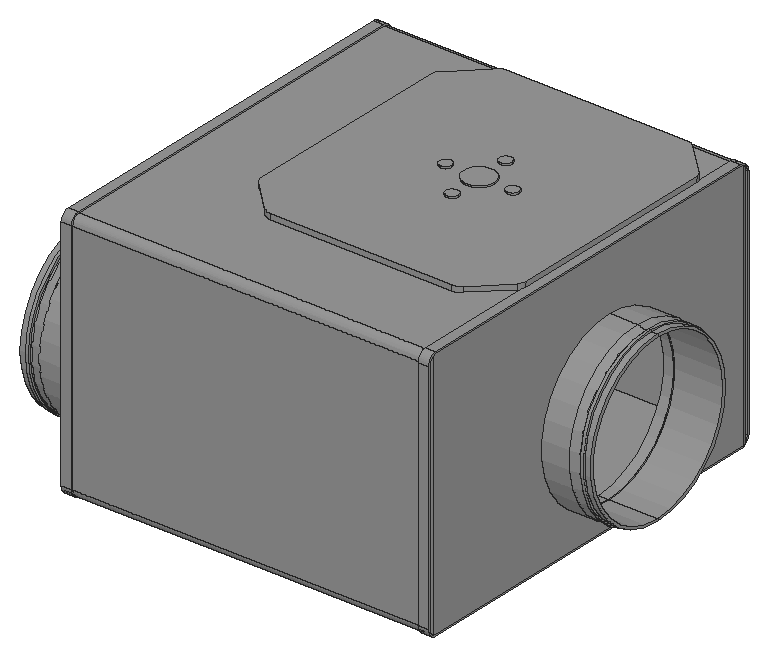
Revit family "LPKB Silent 160 B1 EC_7540648", category Mechanical Equipment, Revit 2014
Parameters (values of type "LPKB Silent 160 B1 EC")
  Wiring diagram = "4040143"
  Width A = Width - 96 mm  # 361 mm
  Width = 457 mm
  Weight = 8.00 kg
  Voltage range = "200-240"
  Voltage = 230 V
  Vertical Distance = 142 mm
  Speed = "3650"
  Sound pressure level at 3 m = "56"
  Radius = Diameter / 2  # 80 mm
  Power = 118 W
  Phase = 1
  Max. temperature of transported air when speed controlled = 60 °C
  Max. temperature of transported air = 60 °C
  Main Material = Steel, Galvanized
  Height = 248 mm
  Frequency = 50 Hz
  Elevation [instance] = 2600 mm
  Distance 2 = 220 mm
  Distance 1 = 91 mm
  Diameter = 160 mm
  Description = "SOUND ATTENUATED DUCT FANS WITH CIRCULAR CONNECTIONS"
  Depth = 390 mm
  Current = 0.93 A
  Capacitor = "-"
Reference planes
  plane 1 "Center (Front/Back)": y = 0
  plane 2: z = 0
  plane 3 "Center (Left/Right)": x = 0
  plane 4: x = -180.5
  plane 5: x = 180.5
  plane 6: x = -228.5
  plane 7: x = 228.5
  plane 8: y = 195
  plane 9: y = -195
  plane 10: z = 2600
  plane 11: y = -104
  plane 12: y = 185
  plane 13: x = 170.5
  plane 14: x = -89.5
  plane 15: y = 104
  plane 16: x = 40.5
  plane 17: y = 40.5
Dimensions and locks
  equal spacing: plane 4, plane 3 "Center (Left/Right)", plane 5
  "Width A": plane 4 to plane 5
  equal spacing: plane 6, plane 3 "Center (Left/Right)", plane 7
  "Width": plane 6 to plane 7
  equal spacing: plane 8, plane 1 "Center (Front/Back)", plane 9
  "Depth": plane 8 to plane 9
  "Elevation": plane 10 to level
  "Distance 1": plane 9 to plane 11
  locked: plane 8 to plane 12 at 10
  locked: plane 13 to plane 5 at 10
  "Distance 1": plane 4 to plane 14
  "Distance 1": plane 8 to plane 15
  equal spacing: plane 14, plane 16, plane 13
  equal spacing: plane 12, plane 17, plane 11
  aligned and locked: level to plane 2
  aligned and locked: nested 1 to plane 3 "Center (Left/Right)"
  aligned and locked: nested 1 to plane 1 "Center (Front/Back)"
  aligned and locked: plane 3 "Center (Left/Right)" to nested 2
  aligned and locked: plane 1 "Center (Front/Back)" to nested 2
  aligned and locked: nested 2 to plane 10
Nested families
  nested 1: "Flow direction symbol" at (0, 0, 0) x (-1, 0, 0) z (0, 0, 1), type "Flow direction symbol"
  nested 2: "LPKB Silent" at (0, 0, 2600), type "LPKB Silent"
    with Width A 361 mm, Width 457 mm, Vertical Distance 142 mm, Radius 80 mm, Height 248 mm, Distance 2 220 mm, Distance 1 91 mm, Diameter 160 mm, Depth 390 mm
Connectors
  hvac at (-228.5, -104, 2706), driven by "Diameter"
    settings: on nested 2, index 1, duct flow 0.0 L/s, flow factor 0, pres drop 0.0 Pa, loss coef 0, conn angle 0.00°, conn width 304.8 mm, conn height 304.8 mm, conn diameter 160 mm, duct sys type 3, conn prof type 0, flow config 0, flow direction 2, loss method 0, conn ref index -1, conn util no, is conn primary yes, conn desc ""
  hvac at (228.5, 25, 2706), driven by "Diameter"
    settings: on nested 2, index 2, duct flow 0.0 L/s, flow factor 0, pres drop 0.0 Pa, loss coef 0, conn angle 0.00°, conn width 304.8 mm, conn height 304.8 mm, conn diameter 160 mm, duct sys type 1, conn prof type 0, flow config 0, flow direction 2, loss method 0, conn ref index -1, conn util no, is conn primary no, conn desc ""
  electrical at (-220.5, 104, 2706), driven by "Phase", driven by "Voltage"
    settings: on nested 2, index 3, voltage 230 V, apparent load 0 VA, apparent load phase1 0 VA, apparent load phase2 0 VA, apparent load phase3 0 VA, power factor 1, load classification "Other", number of poles 1, system type 31, power factor state 1, is connector primary yes, connector utility no, sub classification motor no, connector description ""
Definition of nested family "LPKB Silent"
  Parameters (values of type "LPKB Silent")
    Width A = Width - 96 mm  # 314 mm
    Width = 410 mm
    Vertical Distance = 136 mm
    Radius = Diameter / 2  # 62.5 mm
    Main Material = Steel, Galvanized
    Height = 210 mm
    Distance 2 = 190 mm
    Distance 1 = 73 mm
    Diameter = 125 mm
    Description = ""
    Depth = 330 mm
  Reference planes
    plane 1 "Center (Front/Back)": y = 0
    plane 2: z = 0
    plane 3 "Center (Left/Right)": x = 0
    plane 4: x = -157
    plane 5: x = 157
    plane 6: x = -205
    plane 7: x = 205
    plane 8: y = 165
    plane 9: y = -165
    plane 10: z = 210
    plane 11: z = 74
    plane 12: y = -92
    plane 13: y = 155
    plane 14: x = 147
    plane 15: x = -84
    plane 16: y = 92
    plane 17: x = 31.5
    plane 18: y = 31.5
    plane 19: y = 25
  Forms (mm)
    Revolve 1, solid, material "Steel, Galvanized" <- "Main Material", detail levels medium+fine
      sketch origin (157, -92, 1200) x (1, 0, 0) y (0, 0, 1)
        loop
          line (-314, -1063.5) -> (-314, -1059.75) -> (-342.156, -1059.75) -> (-350.609, -1061.24) -> (-352.661, -1061.24) -> (-352.661, -1059.75) -> (-355.459, -1059.75) -> (-355.459, -1061.24) -> (-362, -1061.24) -> (-362, -1063.5) -> (-314, -1063.5)
        axis (-314, -1126) -> (-362, -1126)
      angle from 0 to 360
    Extrusion 2, void
      sketch origin (0, 0, 0) x (1, 0, 0) y (0, 1, 0)
        loop
          line (-147, 155.039) -> (-147, -154.961) -> (146.959, -154.961) -> (146.959, 155.039) -> (-147, 155.039)
      from 10 to 191.508
    Extrusion 3, solid, material "Steel, Galvanized" <- "Main Material", detail levels medium+fine
      sketch origin (0, 0, 0) x (1, 0, 0) y (0, 1, 0)
        loop
          arc (-43.183, 155) -> (-47.858, 153.712) -> (-51.826, 150.956) r 14.179
          line (-51.826, 150.956) -> (-81.305, 121.477)
          arc (-81.305, 121.477) -> (-83.196, 118.632) -> (-84, 115.312) r 9.835
          line (-84, 115.312) -> (-84, -52.313)
          arc (-84, -52.313) -> (-83.196, -55.632) -> (-81.305, -58.477) r 9.835
          line (-81.305, -58.477) -> (-51.826, -87.956)
          arc (-51.826, -87.956) -> (-47.856, -90.729) -> (-43.183, -92) r 14.142
          line (-43.183, -92) -> (105.647, -92)
          arc (105.647, -92) -> (110.32, -90.729) -> (114.29, -87.956) r 14.142
          line (114.29, -87.956) -> (144.168, -58.679)
          arc (144.168, -58.679) -> (146.101, -55.888) -> (147, -52.615) r 10.108
          line (147, -52.615) -> (147, 115.615)
          arc (147, 115.615) -> (146.101, 118.888) -> (144.168, 121.679) r 10.108
          line (144.168, 121.679) -> (113.884, 150.924)
          arc (113.884, 150.924) -> (109.945, 153.773) -> (105.24, 155) r 13.17
          line (105.24, 155) -> (-43.183, 155)
      from 210 to 215
    Sweep 4, solid, material "Steel, Galvanized" <- "Main Material", detail levels medium+fine
      path origin (-157, 864.407, 1200) x (0, 1, 0) y (0, 0, 1)
        loop
          line (-707.407, -990) -> (-1021.407, -990)
          arc (-1021.407, -990) -> (-1027.064, -992.343) -> (-1029.407, -998) r 8
          line (-1029.407, -998) -> (-1029.407, -1192)
          arc (-1029.407, -1192) -> (-1027.064, -1197.657) -> (-1021.407, -1200) r 8
          line (-1021.407, -1200) -> (-707.407, -1200)
          arc (-707.407, -1200) -> (-701.75, -1197.657) -> (-699.407, -1192) r 8
          line (-699.407, -1192) -> (-699.407, -998)
          arc (-699.407, -998) -> (-701.75, -992.343) -> (-707.407, -990) r 8
      profile origin (-157, 0, 210) x (0, 0, -1) y (1, 0, 0)
        loop
          line (0, 0) -> (0, 10) -> (-1, 10) -> (-1, 0) -> (0, 0)
    Extrusion 5, void
      sketch origin (157, 864.407, 1200) x (0, -1, 0) y (0, 0, 1)
        loop
          arc (1021.407, -990) -> (1027.064, -992.343) -> (1029.407, -998) r 8
          line (1029.407, -998) -> (1035.402, -998) -> (1035.402, -983.783) -> (1021.407, -983.783) -> (1021.407, -990)
        loop
          line (707.407, -990) -> (707.407, -983.783) -> (693.411, -983.783) -> (693.411, -998) -> (699.407, -998)
          arc (699.407, -998) -> (701.75, -992.343) -> (707.407, -990) r 8
        loop
          line (1021.407, -1200) -> (1021.407, -1206.217) -> (1035.402, -1206.217) -> (1035.402, -1192) -> (1029.407, -1192)
          arc (1029.407, -1192) -> (1027.064, -1197.657) -> (1021.407, -1200) r 8
        loop
          arc (707.407, -1200) -> (701.75, -1197.657) -> (699.407, -1192) r 8
          line (699.407, -1192) -> (693.411, -1192) -> (693.411, -1206.217) -> (707.407, -1206.217) -> (707.407, -1200)
      from 0 to 473.721
    Sweep 6, solid, material "Steel, Galvanized" <- "Main Material", detail levels medium+fine
      path origin (157, 864.407, 1200) x (0, 1, 0) y (0, 0, -1)
        loop
          arc (-707.407, 990) -> (-701.75, 992.343) -> (-699.407, 998) r 8
          line (-699.407, 998) -> (-699.407, 1192)
          arc (-699.407, 1192) -> (-701.75, 1197.657) -> (-707.407, 1200) r 8
          line (-707.407, 1200) -> (-1021.407, 1200)
          arc (-1021.407, 1200) -> (-1027.064, 1197.657) -> (-1029.407, 1192) r 8
          line (-1029.407, 1192) -> (-1029.407, 998)
          arc (-1029.407, 998) -> (-1027.064, 992.343) -> (-1021.407, 990) r 8
          line (-1021.407, 990) -> (-707.407, 990)
      profile origin (157, 0, 210) x (0, 0, 1) y (-1, 0, 0)
        loop
          line (0, 0) -> (1, 0) -> (1, 10) -> (0, 10) -> (0, 0)
    Extrusion 7, solid, material "Steel, Galvanized" <- "Main Material", detail levels medium+fine
      sketch origin (82.02, -241.107, 0) x (1, 0, 0) y (0, 1, 0)
        loop
          arc (-234.02, 406.107) -> (-237.555, 404.643) -> (-239.02, 401.107) r 5
          line (-239.02, 401.107) -> (-239.02, 81.107)
          arc (-239.02, 81.107) -> (-237.555, 77.572) -> (-234.02, 76.107) r 5
          line (-234.02, 76.107) -> (69.98, 76.107)
          arc (69.98, 76.107) -> (73.516, 77.572) -> (74.98, 81.107) r 5
          line (74.98, 81.107) -> (74.98, 401.107)
          arc (74.98, 401.107) -> (73.516, 404.643) -> (69.98, 406.107) r 5
          line (69.98, 406.107) -> (-234.02, 406.107)
      from 0 to 210
    Revolve 8, solid, material "Steel, Galvanized" <- "Main Material", detail levels medium+fine
      sketch origin (-271.54, 25, 1200) x (-1, 0, 0) y (0, 0, 1)
        loop
          line (-476.54, -1063.5) -> (-428.54, -1063.5) -> (-428.54, -1059.75) -> (-456.697, -1059.75) -> (-465.149, -1061.24) -> (-467.201, -1061.24) -> (-467.201, -1059.75) -> (-469.999, -1059.75) -> (-469.999, -1061.24) -> (-476.54, -1061.24) -> (-476.54, -1063.5)
        axis (-476.54, -1126) -> (-428.54, -1126)
      angle from 0 to 360
    Sweep 9, void
      path origin (157, -92, 1200) x (1, 0, 0) y (0, 0, 1)
        loop
          line (-157, -1126) -> (-362, -1126)
      profile origin (-102.5, -92, 74) x (0, 0, -1) y (0, -1, 0)
        loop
          circle (0, 0) r 62.5
    Sweep 10, void
      path origin (-271.54, 25, 1200) x (-1, 0, 0) y (0, 0, 1)
        loop
          line (-476.54, -1126) -> (-271.54, -1126)
      profile origin (102.5, 25, 74) x (0, 0, 1) y (0, 1, 0)
        loop
          circle (0, 0) r 62.5
    Extrusion 11, solid, material "Steel, Galvanized" <- "Main Material", detail levels coarse
      sketch origin (0, 0, 0) x (1, 0, 0) y (0, 1, 0)
        loop
          line (-157, 165) -> (-157, -165) -> (157, -165) -> (157, 165) -> (-157, 165)
      from 0 to 210
    Extrusion 12, solid, material "Steel, Galvanized" <- "Main Material", detail levels coarse
      sketch origin (31.5, 214.952, 1200) x (0, 1, 0) y (0, 0, 1)
        loop
          circle (-189.952, -1126) r 62.5
      from 125.5 to 173.5
    Extrusion 13, solid, material "Steel, Galvanized" <- "Main Material", detail levels coarse
      sketch origin (31.5, 214.952, 1200) x (0, 1, 0) y (0, 0, 1)
        loop
          circle (-306.952, -1126) r 62.5
      from -236.5 to -188.5
    Extrusion 14, solid, material "Plastic, Opaque Black", detail levels medium+fine
      sketch origin (0, 0, 0) x (1, 0, 0) y (0, 1, 0)
        loop
          circle (31.5, 31.5) r 15
        loop
          circle (64.494, 31.5) r 6
        loop
          circle (-1.494, 31.5) r 6
        loop
          circle (31.5, -1.778) r 6
        loop
          circle (31.5, 64.222) r 6
      from 210 to 216.039
    Sweep 15, solid, material "Plastic"
      path origin (-399.976, 92, 1200) x (-1, 0, 0) y (0, 0, 1)
        loop
          line (-242.976, -1126) -> (-209.517, -1126)
      profile origin (-173.73, 92, 74) x (0, 0, 1) y (0, 1, 0)
        loop
          arc (41.5, 36.5) -> (40.036, 40.036) -> (36.5, 41.5) r 5
          line (36.5, 41.5) -> (-36.5, 41.5)
          arc (-36.5, 41.5) -> (-40.036, 40.036) -> (-41.5, 36.5) r 5
          line (-41.5, 36.5) -> (-41.5, -36.5)
          arc (-41.5, -36.5) -> (-40.036, -40.036) -> (-36.5, -41.5) r 5
          line (-36.5, -41.5) -> (36.5, -41.5)
          arc (36.5, -41.5) -> (40.036, -40.036) -> (41.5, -36.5) r 5
          line (41.5, -36.5) -> (41.5, 36.5)
    Sweep 16, solid, material "Plastic"
      path origin (-399.976, 92, 1200) x (-1, 0, 0) y (0, 0, 1)
        loop
          line (-209.517, -1126) -> (-202.976, -1126)
      profile origin (-193.73, 92, 74) x (0, 0, 1) y (0, 1, 0)
        loop
          line (46.5, -36.5) -> (46.5, 36.5)
          arc (46.5, 36.5) -> (43.571, 43.571) -> (36.5, 46.5) r 10
          line (36.5, 46.5) -> (-36.5, 46.5)
          arc (-36.5, 46.5) -> (-43.571, 43.571) -> (-46.5, 36.5) r 10
          line (-46.5, 36.5) -> (-46.5, -36.5)
          arc (-46.5, -36.5) -> (-43.571, -43.571) -> (-36.5, -46.5) r 10
          line (-36.5, -46.5) -> (36.5, -46.5)
          arc (36.5, -46.5) -> (43.571, -43.571) -> (46.5, -36.5) r 10
  Cuts and joins
    Sweep 9, Sweep 10 cuts Revolve 1
    Extrusion 2, Extrusion 5, Sweep 9, Sweep 10 cuts Extrusion 7
  Dimensions and locks
    equal spacing: plane 4, plane 3 "Center (Left/Right)", plane 5
    "Width A": plane 4 to plane 5
    equal spacing: plane 6, plane 3 "Center (Left/Right)", plane 7
    "Width": plane 6 to plane 7
    equal spacing: plane 8, plane 1 "Center (Front/Back)", plane 9
    "Depth": plane 8 to plane 9
    "Height": plane 10 to level
    "Distance 1": plane 9 to plane 12
    locked: Revolve 1 sketch curve to Revolve 1 sketch curve at 3.75
    "Radius": Revolve 1 sketch curve to Revolve 1 sketch curve
    locked: plane 8 to Extrusion 2 sketch curve at 9.961
    locked: plane 4 to Extrusion 2 sketch curve at 10
    locked: Extrusion 2 sketch curve to plane 9 at 10.039
    locked: Extrusion 2 sketch curve to plane 5 at 10.041
    locked: plane 8 to plane 13 at 10
    locked: plane 14 to plane 5 at 10
    "Distance 1": plane 4 to plane 15
    locked: Extrusion 3 to plane 10 at 5
    locked: Sweep 4 sketch curve to plane 4 at 10
    locked: Sweep 4 sketch curve to plane 10 at 1
    locked: Sweep 6 sketch curve to Sweep 6 sketch curve at 10
    locked: plane 10 to Sweep 6 sketch curve at 1
    locked: Revolve 1 sketch curve to Revolve 1 sketch curve at 2.26
    "Distance 1": plane 8 to plane 16
    "Radius": Revolve 8 sketch curve to Revolve 8 sketch curve
    locked: Revolve 8 sketch curve to Revolve 8 sketch curve at 3.75
    locked: Revolve 8 sketch curve to Revolve 8 sketch curve at 2.26
    equal spacing: plane 15, plane 17, plane 14
    equal spacing: plane 13, plane 18, plane 12
    equal spacing: Extrusion 14 sketch curve, plane 17, Extrusion 14 sketch curve
    locked: plane 17 to Extrusion 14 sketch curve at 32.994
    locked: plane 18 to Extrusion 14 sketch curve at 33.278
    locked: Extrusion 14 sketch curve to plane 18 at 32.722
    locked: Extrusion 14 to plane 10 at 6.039
    Sweep 15 sketch curve to Sweep 15 sketch curve to plane 6 = 33.459 mm locked, 14.541 mm
    Sweep 16 sketch curve to plane 6 = 14.541 mm
    locked: plane 10 to cut or joined group of Extrusion 2, Extrusion 5, Extrusion 7, Sweep 9, Sweep 10 at 18.492
    "Distance 2": plane 19 to plane 9
    "Vertical Distance": plane 10 to plane 11
    radius of Sweep 4 sketch curve = 8 mm  (x4)
    radius of Sweep 6 sketch curve = 8 mm  (x4)
    "Radius": radius of Sweep 9 sketch curve
    "Diameter": diameter of Sweep 10 sketch curve
    "Radius": radius of Extrusion 12 sketch curve
    radius of Extrusion 12 sketch curve = 62.5 mm
    "Radius": radius of Extrusion 13 sketch curve
    radius of Extrusion 14 sketch curve = 15 mm
    radius of Extrusion 14 sketch curve = 6 mm  (x4)
    locked: Extrusion 3 sketch curve to plane 13 (angle 44.0307°)
    locked: plane 13 to Extrusion 3 sketch curve (angle 45.00°)
    locked: plane 15 to Extrusion 3 sketch curve (angle 45.00°)
    locked: Extrusion 3 sketch curve to plane 14 (angle 45.582°)
    aligned and locked: level to plane 2
    aligned and locked: Revolve 1 sketch curve to plane 6
    aligned and locked: plane 4 to Revolve 1 sketch curve
    aligned and locked: Extrusion 3 sketch curve to plane 13
    aligned and locked: plane 15 to Extrusion 3 sketch curve
    aligned and locked: Extrusion 3 to plane 10
    aligned and locked: Extrusion 3 sketch curve to plane 14
    aligned and locked: plane 12 to Extrusion 3 sketch curve
    aligned and locked: Sweep 4 sketch curve to plane 8
    aligned and locked: Sweep 4 sketch curve to plane 10  (x2)
    aligned and locked: plane 9 to Sweep 4 sketch curve
    aligned and locked: level to Sweep 4 sketch curve
    aligned and locked: Sweep 4 sketch curve to plane 4
    aligned and locked: Sweep 6 sketch curve to plane 8
    aligned and locked: level to Sweep 6 sketch curve
    aligned and locked: Sweep 6 sketch curve to plane 10
    aligned and locked: plane 9 to Sweep 6 sketch curve
    aligned and locked: Revolve 1 sketch curve to Revolve 1 sketch curve  (x2)
    aligned and locked: Extrusion 7 sketch curve to plane 8
    aligned and locked: Extrusion 7 sketch curve to plane 5
    aligned and locked: plane 9 to Extrusion 7 sketch curve
    aligned and locked: plane 4 to Extrusion 7 sketch curve
    aligned and locked: plane 10 to Extrusion 7
    aligned and locked: Revolve 8 sketch curve to Revolve 8 sketch curve  (x2)
    aligned and locked: Sweep 9 sketch curve to plane 11
    aligned and locked: plane 3 "Center (Left/Right)" to Sweep 9 sketch curve
    aligned and locked: plane 6 to Sweep 9 sketch curve
    aligned and locked: Sweep 10 sketch curve to plane 11
    aligned and locked: plane 7 to Sweep 10 sketch curve
    aligned and locked: plane 3 "Center (Left/Right)" to Sweep 10 sketch curve
    aligned and locked: nested 1 to plane 3 "Center (Left/Right)"
    aligned and locked: nested 1 to plane 1 "Center (Front/Back)"
    aligned and locked: Extrusion 11 sketch curve to plane 8
    aligned and locked: plane 4 to Extrusion 11 sketch curve
    aligned and locked: plane 9 to Extrusion 11 sketch curve
    aligned and locked: Extrusion 11 sketch curve to plane 5
    aligned and locked: plane 10 to Extrusion 11
    aligned and locked: plane 11 to Extrusion 12 sketch curve
    aligned and locked: plane 12 to Extrusion 13 sketch curve
    aligned and locked: plane 11 to Extrusion 13 sketch curve
    aligned and locked: plane 4 to Extrusion 13
    aligned and locked: Extrusion 13 to plane 6
    aligned and locked: plane 18 to Extrusion 14 sketch curve  (x3)
    aligned and locked: plane 17 to Extrusion 14 sketch curve  (x3)
    aligned and locked: Extrusion 14 to plane 10
    aligned and locked: plane 5 to Sweep 6 sketch curve
    aligned and locked: Sweep 15 sketch curve to plane 11
    aligned and locked: Sweep 16 sketch curve to plane 11
    aligned and locked: Sweep 15 to plane 4
    aligned and locked: Sweep 16 to Sweep 15
    aligned and locked: plane 19 to Extrusion 12 sketch curve
    aligned and locked: plane 19 to Sweep 10 sketch curve
    aligned and locked: plane 11 to Sweep 10 sketch curve
    aligned and locked: Extrusion 12 to plane 5
    aligned and locked: plane 7 to Extrusion 12
  Automatic sketch dimensions
    Extrusion 5 sketch curve to plane 8 = 0 mm  (x2)
    Extrusion 5 sketch curve to plane 10 = 0 mm  (x2)
    Extrusion 5 sketch curve to level = 0 mm  (x2)
    Extrusion 5 sketch curve to plane 9 = 0 mm  (x2)
    plane 8 to Extrusion 5 sketch curve = 5.995 mm  (x2)
    plane 13 to Extrusion 5 sketch curve = 2 mm  (x2)
    Extrusion 5 sketch curve to Extrusion 5 sketch curve = 8 mm
    plane 9 to Extrusion 5 sketch curve = 8 mm
    Extrusion 5 sketch curve to plane 9 = 5.995 mm
    Extrusion 5 sketch curve to Extrusion 5 sketch curve = 5.995 mm
    Extrusion 5 sketch curve to level = 6.217 mm  (x2)
    plane 10 to Extrusion 5 sketch curve = 6.217 mm
    Extrusion 5 sketch curve to Extrusion 5 sketch curve = 6.217 mm
    Sweep 6 sketch curve to profile plane = 0 mm
    plane 4 to Extrusion 7 sketch curve = 5 mm
    Extrusion 7 sketch curve to Extrusion 7 sketch curve = 5 mm
    Extrusion 7 sketch curve to plane 5 = 5 mm  (x2)
    plane 15 to Extrusion 3 sketch curve = 2.695 mm  (x2)
    plane 15 to Extrusion 3 sketch curve = 9.816 mm
    Extrusion 3 sketch curve to plane 13 = 4.044 mm  (x2)
    Extrusion 3 sketch curve to plane 12 = 4.044 mm  (x2)
    plane 15 to Extrusion 3 sketch curve = 32.174 mm
    Extrusion 3 sketch curve to Extrusion 3 sketch curve = 8.643 mm  (x3)
    Extrusion 3 sketch curve to plane 13 = 14.112 mm
    Extrusion 3 sketch curve to plane 12 = 14.08 mm  (x2)
    Extrusion 3 sketch curve to Extrusion 3 sketch curve = 1.32 mm
    Extrusion 3 sketch curve to plane 14 = 10.058 mm
    Extrusion 3 sketch curve to plane 14 = 2.832 mm  (x2)
    Extrusion 3 sketch curve to plane 12 = 33.321 mm
    Extrusion 3 sketch curve to Extrusion 3 sketch curve = 6.064 mm
    Extrusion 3 sketch curve to Extrusion 3 sketch curve = 6.165 mm
    Extrusion 3 sketch curve to Extrusion 3 sketch curve = 6.784 mm
    Extrusion 3 sketch curve to Extrusion 3 sketch curve = 7.068 mm
    Extrusion 3 sketch curve to Extrusion 3 sketch curve = 0 mm  (x2)
    Extrusion 3 sketch curve to Extrusion 3 sketch curve = 1.004 mm
    Extrusion 3 sketch curve to Extrusion 3 sketch curve = 0.62 mm
    Extrusion 3 sketch curve to Extrusion 3 sketch curve = 1.373 mm
    Extrusion 3 sketch curve to Extrusion 3 sketch curve = 9.557 mm
    Extrusion 3 sketch curve to plane 13 = 13.138 mm
    profile plane to Sweep 15 sketch curve = 41.5 mm
    Sweep 15 sketch curve to Sweep 15 sketch curve = 5 mm  (x3)
    Sweep 15 sketch curve to profile plane = 36.5 mm  (x2)
    Sweep 15 sketch curve to plane 16 = 41.5 mm
    plane 16 to Sweep 15 sketch curve = 36.5 mm
    profile plane to Sweep 16 sketch curve = 46.5 mm
    Sweep 16 sketch curve to Sweep 16 sketch curve = 10 mm  (x3)
    Sweep 16 sketch curve to profile plane = 36.5 mm  (x2)
    Sweep 16 sketch curve to plane 16 = 46.5 mm
    plane 16 to Sweep 16 sketch curve = 36.5 mm
    Sweep 16 sketch curve to Sweep 16 sketch curve = 6.541 mm
    Revolve 1 sketch curve to plane 11 = 0 mm
    plane 6 to Revolve 1 sketch curve = 6.541 mm
    Revolve 1 sketch curve to Revolve 1 sketch curve = 2.798 mm
    Revolve 1 sketch curve to Revolve 1 sketch curve = 2.052 mm
    Revolve 1 sketch curve to Revolve 1 sketch curve = 8.453 mm
    Revolve 1 sketch curve to plane 6 = 247 mm
    plane 15 to Revolve 1 sketch curve = 5 mm
    Revolve 8 sketch curve to plane 11 = 0 mm
    Revolve 8 sketch curve to plane 7 = 0 mm
    Revolve 8 sketch curve to plane 5 = 0 mm
    Revolve 8 sketch curve to Revolve 8 sketch curve = 6.541 mm
    Revolve 8 sketch curve to Revolve 8 sketch curve = 2.798 mm
    Revolve 8 sketch curve to Revolve 8 sketch curve = 2.052 mm
    Revolve 8 sketch curve to Revolve 8 sketch curve = 8.453 mm
    plane 7 to Revolve 8 sketch curve = 85 mm
    Revolve 8 sketch curve to plane 14 = 52 mm
    Sweep 9 sketch curve to plane 12 = 0 mm
    Sweep 9 sketch curve to profile plane = 0 mm
  Nested families
    nested 1: "Flow direction symbol" at (0, 0, 0) x (-1, 0, 0) z (0, 0, 1), type "Flow direction symbol"
  Connectors
    hvac at (205, 25, 74), driven by "Diameter"
      settings: on Revolve 8, index 3, duct flow 0.0 L/s, flow factor 0, pres drop 0.0 Pa, loss coef 0, conn angle 0.00°, conn width 304.8 mm, conn height 304.8 mm, conn diameter 125 mm, duct sys type 1, conn prof type 0, flow config 0, flow direction 1, loss method 0, conn ref index -1, conn util no, is conn primary yes, conn desc ""
    hvac at (-205, -92, 74), driven by "Diameter"
      settings: on cut or joined group of Revolve 1, Sweep 9, Sweep 10, index 4, duct flow 0.0 L/s, flow factor 0, pres drop 0.0 Pa, loss coef 0, conn angle 0.00°, conn width 304.8 mm, conn height 304.8 mm, conn diameter 125 mm, duct sys type 3, conn prof type 0, flow config 0, flow direction 2, loss method 0, conn ref index -1, conn util no, is conn primary no, conn desc ""
    electrical at (-197, 92, 74)
      settings: on Sweep 16, index 5, voltage 230 V, apparent load 0 VA, apparent load phase1 0 VA, apparent load phase2 0 VA, apparent load phase3 0 VA, power factor 1, load classification "Other", number of poles 1, system type 31, power factor state 1, is connector primary yes, connector utility no, sub classification motor no, connector description ""
  Definition of nested family "Flow direction symbol"
    Parameters (values of type "Flow direction symbol")
      Warning = "!"
      Text = "DIMENSIONS OVERCONSTRAINT"
    Reference planes
      plane 1: y = 0
      plane 2: x = 0
    Lines and regions (mm)
      detail lines
        curve 1: line (-0.506, 0.877, 0) -> (-0.506, -0.877, 0)
        curve 2: line (1.012, 0, 0) -> (-0.506, -0.877, 0)
        curve 3: line (-0.506, 0.877, 0) -> (1.012, 0, 0)
        curve 4: circle (0, 0, 0) r 1 normal (0, 0, 1)
Definition of nested family "Flow direction symbol"
  Parameters (values of type "Flow direction symbol")
    Warning = "!"
    Text = "DIMENSIONS OVERCONSTRAINT"
  Reference planes
    plane 1: y = 0
    plane 2: x = 0
  Lines and regions (mm)
    detail lines
      curve 1: line (-0.506, 0.877, 0) -> (-0.506, -0.877, 0)
      curve 2: line (1.012, 0, 0) -> (-0.506, -0.877, 0)
      curve 3: line (-0.506, 0.877, 0) -> (1.012, 0, 0)
      curve 4: circle (0, 0, 0) r 1 normal (0, 0, 1)
